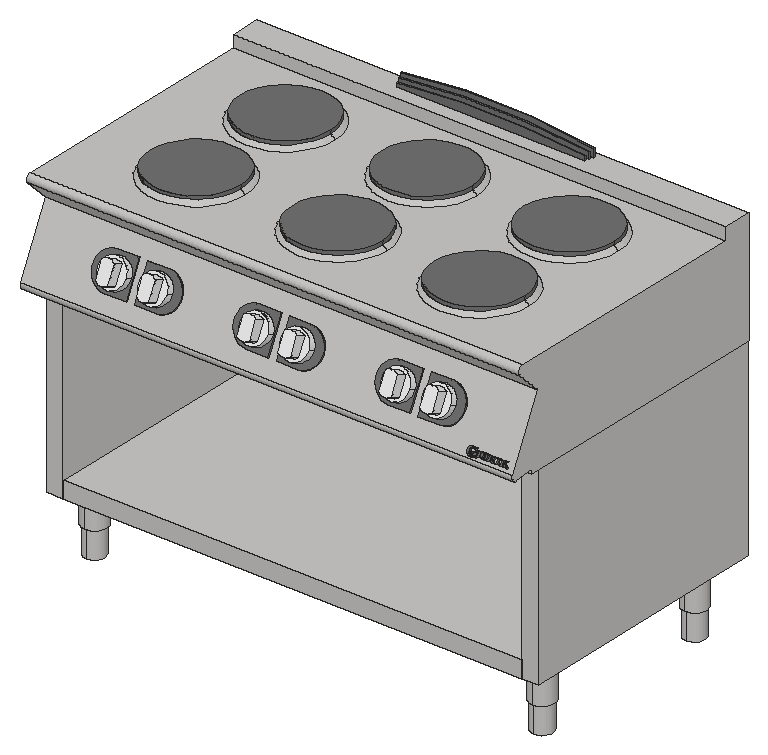
Revit family "QF_GIORIK_CE76TG", category Specialty Equipment, Revit 2014
Parameters (values of type "CE76TG")
  Weight in Pounds = 220.462
  Watts = 15600 W
  Volts = 400 V
  URL Cutsheet = "www.giorik.com"
  URL = "www.giorik.com"
  Status [instance] = ""
  Specification by User [instance] = ""
  Specification by Manufacturer = ""
  Show Logo [instance] = yes
  Show Clearance [instance] = yes
  Serial Number = ""
  Seismic Rating = ""
  SMACNA No = ""
  Revision Code [instance] = ""
  Phase = 3
  Number of Poles [instance] = 3
  NAFEM Spec ID Number = ""
  Model = "CE76TG"
  Min Ckt Ampacity = 0 A
  Max Overcurrent Protection = 0 A
  Masterspec = ""
  Manufacturer = "GIORIK"
  Item Number [instance] = ""
  Installed By [instance] = ""
  Identify Quantity as Lot [instance] = no
  HP = "20.919912000000"
  Furnished By [instance] = ""
  Foodservice Equipment Identifier [instance] = yes
  FL Amps = 0 A
  Electrical Remarks [instance] = ""
  Electric Connection Type [instance] = ""
  Elec Conn RI Height [instance] = 0 mm
  Elec Conn Connection Height [instance] = 150 mm
  Description = "6 ELECTRIC ROUND PLATE HOB ON OPEN BASE UNIT"
  Cycle = 50 Hz
  Conn Plug = ""
  CSI MasterFormat = ""
  Assembly Code = "E1090320"
  Apparent Power = 15600 VA
Reference planes
  plane 1 "Back": y = 0
  plane 2: z = 0
  plane 3 "Left": x = 0
  plane 4 "Right": x = 1200
  plane 5 "Front": y = -720
  plane 6 "Top": z = 900
Forms (mm)
  Extrusion 1, solid, visible <- "Show Logo"
    sketch origin (991.604, -736.761, 609.486) x (-1, 0, 0) y (0, 0.452718, 0.891654)
      loop
        line (-118.824, 58.358) -> (-127.804, 58.358) -> (-125.523, 56.445) -> (-125.523, 48.027) -> (-127.804, 46.113) -> (-118.824, 46.113) -> (-121.105, 48.027) -> (-121.105, 56.445) -> (-118.824, 58.358)
      loop
        line (-163.721, 58.358) -> (-172.7, 58.358) -> (-170.42, 56.445) -> (-170.42, 48.027) -> (-172.7, 46.113) -> (-163.721, 46.113) -> (-166.001, 48.027) -> (-166.001, 56.445) -> (-163.721, 58.358)
      loop
        line (-174.332, 58.358) -> (-183.312, 58.358) -> (-181.031, 56.445) -> (-181.031, 52.435) -> (-186.419, 56.955) -> (-184.416, 58.358) -> (-191.268, 58.358) -> (-188.01, 56.839) -> (-185.455, 54.283) -> (-190.846, 47.858) -> (-193.396, 46.93) -> (-193.396, 46.113) -> (-184.416, 46.113) -> (-185.437, 47.571) -> (-182.443, 51.552) -> (-181.031, 50.894) -> (-181.031, 48.027) -> (-183.312, 46.113) -> (-174.332, 46.113) -> (-176.613, 48.027) -> (-176.613, 56.445) -> (-174.332, 58.358)
      loop
        line (-115.429, 62.063) -> (-115.429, 54.198)
        arc (-115.429, 54.198) -> (-111.618, 57.803) -> (-106.847, 59.986) r 16.039
        arc (-106.847, 59.986) -> (-103.314, 59.837) -> (-100.512, 57.68) r 5.851
        arc (-100.512, 57.68) -> (-98.815, 52.267) -> (-100.512, 46.853) r 9.479
        arc (-100.512, 46.853) -> (-102.406, 44.986) -> (-104.846, 43.93) r 7.236
        arc (-104.846, 43.93) -> (-107.728, 44.111) -> (-110.052, 45.825) r 5.11
        line (-110.052, 45.825) -> (-110.052, 52.001) -> (-116.141, 52.001) -> (-116.141, 45.503) -> (-117.893, 43.751) -> (-114.094, 44.769)
        arc (-114.094, 44.769) -> (-112.56, 44.947) -> (-111.129, 44.366) r 3.115
        arc (-111.129, 44.366) -> (-104.216, 42.091) -> (-97.303, 44.366) r 11.641
        arc (-97.303, 44.366) -> (-93.396, 52.107) -> (-97.303, 59.849) r 9.622
        arc (-97.303, 59.849) -> (-104.369, 62.174) -> (-111.435, 59.849) r 11.898
        line (-111.435, 59.849) -> (-115.429, 62.063)
      loop
        arc (-129.234, 56.068) -> (-135.893, 58.628) -> (-142.552, 56.068) r 9.941
        arc (-142.552, 56.068) -> (-144.234, 52.286) -> (-142.552, 48.505) r 5.093
        arc (-142.552, 48.505) -> (-135.893, 45.945) -> (-129.234, 48.505) r 9.941
        arc (-129.234, 48.505) -> (-127.552, 52.286) -> (-129.234, 56.068) r 5.093
      loop
        arc (-132.628, 54.403) -> (-135.893, 57.668) -> (-139.158, 54.403) r 3.265
        line (-139.158, 54.403) -> (-139.158, 50.169)
        arc (-139.158, 50.169) -> (-135.893, 46.904) -> (-132.628, 50.169) r 3.265
        line (-132.628, 50.169) -> (-132.628, 54.403)
      loop
        arc (-156.363, 58.365) -> (-159.647, 55.081) -> (-156.363, 51.796) r 3.285
        line (-156.363, 51.796) -> (-159.529, 47.306) -> (-162.087, 46.113) -> (-155.847, 46.113) -> (-153.529, 51.083) -> (-150.637, 51.083) -> (-150.637, 47.784) -> (-153.022, 46.113) -> (-144.011, 46.113) -> (-146.094, 47.68) -> (-146.094, 56.493) -> (-144.229, 58.365) -> (-156.363, 58.365)
      loop
        line (-150.637, 57.512) -> (-153.637, 57.512)
        arc (-153.637, 57.512) -> (-156.237, 54.912) -> (-153.637, 52.312) r 2.6
        line (-153.637, 52.312) -> (-150.637, 52.312) -> (-150.637, 57.512)
      loop
        line (-108.924, 52.001) -> (-104.936, 49.005) -> (-100.948, 52.001) -> (-108.924, 52.001)
    from 1.5 to -0.5
  Extrusion 2, solid
    sketch origin (-16, 1025.81, 0) x (1, 0, 0) y (0, 1, 0)
      loop
        line (25, -1086.81) -> (25, -1156.81) -> (115, -1156.81) -> (115, -1086.81) -> (25, -1086.81)
    from 148 to 150
  Extrusion 3, solid
    sketch origin (-4, 0, 130) x (1, 0, 0) y (0, 1, 0)
      loop
        circle (54, -385) r 12.5
    from 0 to 20
  Extrusion 4, solid
    sketch origin (0, 1000, -20) x (0, 1, 0) y (0, 0, 1)
      loop
        line (-1000, 919.988) -> (-1070, 919.988) -> (-1070, 889.988) -> (-1688.806, 889.988)
        arc (-1688.806, 889.988) -> (-1699.151, 883.075) -> (-1696.724, 870.873) r 11.197
        line (-1696.724, 870.873) -> (-1640.876, 815.025) -> (-1718.948, 661.258)
        arc (-1718.948, 661.258) -> (-1718.233, 650.105) -> (-1708.118, 645.354) r 10.981
        line (-1708.118, 645.354) -> (-1660, 649.925) -> (-1660, 640) -> (-1000, 640) -> (-1000, 919.988)
    from 0 to 1200
  Extrusion 5, solid
    sketch origin (0, 0, 599.536) x (1, 0, 0) y (0, 1, 0)
      loop
        line (0, -640) -> (40, -640) -> (40, -40) -> (1160, -40) -> (1160, -640) -> (1200, -640) -> (1200, 0) -> (0, 0) -> (0, -640)
    from -449.536 to 20.464
  Extrusion 6, solid
    sketch origin (0, 0, 0) x (1, 0, 0) y (0, 1, 0)
      loop
        line (40, -40) -> (40, -640) -> (1160, -640) -> (1160, -40) -> (40, -40)
    from 150 to 190
  Extrusion 7, solid
    sketch origin (-16, 560.81, 0) x (1, 0, 0) y (0, 1, 0)
      loop
        line (25, -1086.81) -> (25, -1156.81) -> (115, -1156.81) -> (115, -1086.81) -> (25, -1086.81)
    from 148 to 150
  Revolve 8, solid
    sketch origin (54, 560.81, 0) x (0, 1, 0) y (0, 0, 1)
      loop
        line (-1092.56, 66) -> (-1092.56, 148) -> (-1121.81, 148) -> (-1121.81, 0) -> (-1096.81, 0) -> (-1096.81, 66) -> (-1092.56, 66)
      axis (-1121.81, 0) -> (-1121.81, 148)
    angle from 0 to 360
  Revolve 9, solid
    sketch origin (54, 1025.81, 0) x (0, 1, 0) y (0, 0, 1)
      loop
        line (-1092.56, 66) -> (-1092.56, 148) -> (-1121.81, 148) -> (-1121.81, 0) -> (-1096.81, 0) -> (-1096.81, 66) -> (-1092.56, 66)
      axis (-1121.81, 0) -> (-1121.81, 148)
    angle from 0 to 360
  Extrusion 10, solid
    sketch origin (1216, 560.81, 0) x (-1, 0, 0) y (0, -1, 0)
      loop
        line (25, 1086.81) -> (115, 1086.81) -> (115, 1156.81) -> (25, 1156.81) -> (25, 1086.81)
    from 148 to 150
  Revolve 11, solid
    sketch origin (1146, 560.81, 0) x (0, 1, 0) y (0, 0, -1)
      loop
        line (-1092.56, -66) -> (-1096.81, -66) -> (-1096.81, 0) -> (-1121.81, 0) -> (-1121.81, -148) -> (-1092.56, -148) -> (-1092.56, -66)
      axis (-1121.81, 0) -> (-1121.81, -148)
    angle from 0 to 360
  Extrusion 12, solid
    sketch origin (1216, -1217.81, 0) x (-1, 0, 0) y (0, -1, 0)
      loop
        line (25, -1086.81) -> (25, -1156.81) -> (115, -1156.81) -> (115, -1086.81) -> (25, -1086.81)
    from 148 to 150
  Revolve 13, solid
    sketch origin (1146, -1217.81, 0) x (0, -1, 0) y (0, 0, 1)
      loop
        line (-1092.56, 66) -> (-1092.56, 148) -> (-1121.81, 148) -> (-1121.81, 0) -> (-1096.81, 0) -> (-1096.81, 66) -> (-1092.56, 66)
      axis (-1121.81, 0) -> (-1121.81, 148)
    angle from 0 to 360
  Extrusion 14, solid
    sketch origin (-219.224, -963.345, 52.363) x (1, 0, 0) y (0, 0.452718, 0.891654)
      loop
        line (463.221, 676.25) -> (463.221, 766.25) -> (409.698, 766.25)
        arc (409.698, 766.25) -> (364.698, 721.25) -> (409.698, 676.25) r 45
        line (409.698, 676.25) -> (463.221, 676.25)
    from 48 to 50
  Extrusion 15, solid
    sketch origin (555.329, -1008.697, 74.959) x (-1, 0, 0) y (0, -0.45351, -0.891251)
      loop
        circle (351.331, -721.346) r 35
    from 0 to 15
  Extrusion 16, solid
    sketch origin (555.329, -1008.697, 74.959) x (-1, 0, 0) y (0, -0.45351, -0.891251)
      loop
        arc (336.331, -743.846) -> (351.331, -748.846) -> (366.331, -743.846) r 25
        line (366.331, -743.846) -> (366.331, -698.846)
        arc (366.331, -698.846) -> (351.331, -693.846) -> (336.331, -698.846) r 25
        line (336.331, -698.846) -> (336.331, -743.846)
    from 15 to 40
  Extrusion 17, solid
    sketch origin (727.253, -963.345, 52.363) x (-1, 0, 0) y (0, -0.452718, -0.891654)
      loop
        line (463.221, -676.25) -> (409.698, -676.25)
        arc (409.698, -676.25) -> (364.698, -721.25) -> (409.698, -766.25) r 45
        line (409.698, -766.25) -> (463.221, -766.25) -> (463.221, -676.25)
    from 48 to 50
  Extrusion 18, solid
    sketch origin (-47.3, -1008.697, 74.959) x (1, 0, 0) y (0, 0.45351, 0.891251)
      loop
        circle (351.331, 721.346) r 35
    from 0 to 15
  Extrusion 19, solid
    sketch origin (-47.3, -1008.697, 74.959) x (1, 0, 0) y (0, 0.45351, 0.891251)
      loop
        line (336.331, 743.846) -> (336.331, 698.846)
        arc (336.331, 698.846) -> (351.331, 693.846) -> (366.331, 698.846) r 25
        line (366.331, 698.846) -> (366.331, 743.846)
        arc (366.331, 743.846) -> (351.331, 748.846) -> (336.331, 743.846) r 25
    from 15 to 40
  Extrusion 20, solid
    sketch origin (236.031, 0, -10.001) x (1, 0, 0) y (0, 0, 1)
      loop
        line (135, 909.989) -> (592.969, 909.989) -> (592.969, 919.989) -> (440.969, 929.989) -> (287, 929.989) -> (135, 919.989) -> (135, 909.989)
    from 32 to 35
  Extrusion 21, solid
    sketch origin (238, 10, -10.001) x (1, 0, 0) y (0, 0, 1)
      loop
        line (594, 909.989) -> (594, 924.989) -> (440, 937.489) -> (284, 937.489) -> (130, 925.001) -> (130, 909.989) -> (594, 909.989)
    from 32 to 35
  Extrusion 22, solid
    sketch origin (240, 20, -10.001) x (1, 0, 0) y (0, 0, 1)
      loop
        line (595, 909.989) -> (595, 930.001) -> (439, 945.258) -> (281, 945.258) -> (125, 929.989) -> (125, 909.989) -> (595, 909.989)
    from 32 to 35
  Extrusion 23, solid
    sketch origin (63.998, 2.499, 864.988) x (0, 1, 0) y (-1, 0, 0)
      loop
        circle (-231.5, -189.999) r 110
    from 23 to 15
  Blend 24, solid
    base sketch origin (808.358, -820.005, 869.988) x (0, 1, 0) y (-1, 0, 0)
      loop
        circle (591.004, 554.361) r 120
    top sketch origin (808.358, -820.005, 900) x (0, 1, 0) y (-1, 0, 0)
      loop
        circle (591.004, 554.361) r 110
    from 0 to -20.012
  Extrusion 25, solid
    sketch origin (63.998, -733.501, 864.988) x (0, -1, 0) y (1, 0, 0)
      loop
        circle (-231.5, 189.999) r 110
    from 23 to 15
  Blend 26, solid
    base sketch origin (808.358, 89.003, 869.988) x (0, -1, 0) y (1, 0, 0)
      loop
        circle (591.004, -554.361) r 120
    top sketch origin (808.358, 89.003, 900) x (0, -1, 0) y (1, 0, 0)
      loop
        circle (591.004, -554.361) r 110
    from 0 to -20.012
  Extrusion 27, solid
    sketch origin (789.998, 2.499, 864.988) x (0, 1, 0) y (-1, 0, 0)
      loop
        circle (-231.5, 189.999) r 110
    from 23 to 15
  Blend 28, solid
    base sketch origin (45.638, -820.005, 869.988) x (0, 1, 0) y (-1, 0, 0)
      loop
        circle (591.004, -554.361) r 120
    top sketch origin (45.638, -820.005, 900) x (0, 1, 0) y (-1, 0, 0)
      loop
        circle (591.004, -554.361) r 110
    from 0 to -20.012
  Extrusion 29, solid
    sketch origin (789.998, -733.501, 864.988) x (0, -1, 0) y (1, 0, 0)
      loop
        circle (-231.5, -189.999) r 110
    from 23 to 15
  Blend 30, solid
    base sketch origin (45.638, 89.003, 869.988) x (0, -1, 0) y (1, 0, 0)
      loop
        circle (591.004, 554.361) r 120
    top sketch origin (45.638, 89.003, 900) x (0, -1, 0) y (1, 0, 0)
      loop
        circle (591.004, 554.361) r 110
    from 0 to -20.012
  Extrusion 31, solid
    sketch origin (1135.999, 2.499, 864.988) x (0, 1, 0) y (-1, 0, 0)
      loop
        circle (-231.5, 189.999) r 110
    from 23 to 15
  Blend 32, solid
    base sketch origin (391.639, -820.005, 869.988) x (0, 1, 0) y (-1, 0, 0)
      loop
        circle (591.004, -554.361) r 120
    top sketch origin (391.639, -820.005, 900) x (0, 1, 0) y (-1, 0, 0)
      loop
        circle (591.004, -554.361) r 110
    from 0 to -20.012
  Extrusion 33, solid
    sketch origin (1135.999, -270.501, 864.988) x (0, 1, 0) y (-1, 0, 0)
      loop
        circle (-231.5, 189.999) r 110
    from 23 to 15
  Blend 34, solid
    base sketch origin (391.639, -1093.005, 869.988) x (0, 1, 0) y (-1, 0, 0)
      loop
        circle (591.004, -554.361) r 120
    top sketch origin (391.639, -1093.005, 900) x (0, 1, 0) y (-1, 0, 0)
      loop
        circle (591.004, -554.361) r 110
    from 0 to -20.012
  Extrusion 35, solid
    sketch origin (126.778, -963.345, 52.363) x (1, 0, 0) y (0, 0.452718, 0.891654)
      loop
        line (463.221, 676.25) -> (463.221, 766.25) -> (409.698, 766.25)
        arc (409.698, 766.25) -> (364.698, 721.25) -> (409.698, 676.25) r 45
        line (409.698, 676.25) -> (463.221, 676.25)
    from 48 to 50
  Extrusion 36, solid
    sketch origin (901.331, -1008.697, 74.959) x (-1, 0, 0) y (0, -0.45351, -0.891251)
      loop
        circle (351.331, -721.346) r 35
    from 0 to 15
  Extrusion 37, solid
    sketch origin (901.331, -1008.697, 74.959) x (-1, 0, 0) y (0, -0.45351, -0.891251)
      loop
        arc (336.331, -743.846) -> (351.331, -748.846) -> (366.331, -743.846) r 25
        line (366.331, -743.846) -> (366.331, -698.846)
        arc (366.331, -698.846) -> (351.331, -693.846) -> (336.331, -698.846) r 25
        line (336.331, -698.846) -> (336.331, -743.846)
    from 15 to 40
  Extrusion 38, solid
    sketch origin (1073.255, -963.345, 52.363) x (-1, 0, 0) y (0, -0.452718, -0.891654)
      loop
        line (463.221, -676.25) -> (409.698, -676.25)
        arc (409.698, -676.25) -> (364.698, -721.25) -> (409.698, -766.25) r 45
        line (409.698, -766.25) -> (463.221, -766.25) -> (463.221, -676.25)
    from 48 to 50
  Extrusion 39, solid
    sketch origin (298.702, -1008.697, 74.959) x (1, 0, 0) y (0, 0.45351, 0.891251)
      loop
        circle (351.331, 721.346) r 35
    from 0 to 15
  Extrusion 40, solid
    sketch origin (298.702, -1008.697, 74.959) x (1, 0, 0) y (0, 0.45351, 0.891251)
      loop
        line (336.331, 743.846) -> (336.331, 698.846)
        arc (336.331, 698.846) -> (351.331, 693.846) -> (366.331, 698.846) r 25
        line (366.331, 698.846) -> (366.331, 743.846)
        arc (366.331, 743.846) -> (351.331, 748.846) -> (336.331, 743.846) r 25
    from 15 to 40
  Extrusion 41, solid
    sketch origin (472.779, -963.345, 52.363) x (1, 0, 0) y (0, 0.452718, 0.891654)
      loop
        line (463.221, 676.25) -> (463.221, 766.25) -> (409.698, 766.25)
        arc (409.698, 766.25) -> (364.698, 721.25) -> (409.698, 676.25) r 45
        line (409.698, 676.25) -> (463.221, 676.25)
    from 48 to 50
  Extrusion 42, solid
    sketch origin (1247.331, -1008.697, 74.959) x (-1, 0, 0) y (0, -0.45351, -0.891251)
      loop
        circle (351.331, -721.346) r 35
    from 0 to 15
  Extrusion 43, solid
    sketch origin (1247.331, -1008.697, 74.959) x (-1, 0, 0) y (0, -0.45351, -0.891251)
      loop
        arc (336.331, -743.846) -> (351.331, -748.846) -> (366.331, -743.846) r 25
        line (366.331, -743.846) -> (366.331, -698.846)
        arc (366.331, -698.846) -> (351.331, -693.846) -> (336.331, -698.846) r 25
        line (336.331, -698.846) -> (336.331, -743.846)
    from 15 to 40
  Extrusion 44, solid
    sketch origin (1419.255, -963.345, 52.363) x (-1, 0, 0) y (0, -0.452718, -0.891654)
      loop
        line (463.221, -676.25) -> (409.698, -676.25)
        arc (409.698, -676.25) -> (364.698, -721.25) -> (409.698, -766.25) r 45
        line (409.698, -766.25) -> (463.221, -766.25) -> (463.221, -676.25)
    from 48 to 50
  Extrusion 45, solid
    sketch origin (644.703, -1008.697, 74.959) x (1, 0, 0) y (0, 0.45351, 0.891251)
      loop
        circle (351.331, 721.346) r 35
    from 0 to 15
  Extrusion 46, solid
    sketch origin (644.703, -1008.697, 74.959) x (1, 0, 0) y (0, 0.45351, 0.891251)
      loop
        line (336.331, 743.846) -> (336.331, 698.846)
        arc (336.331, 698.846) -> (351.331, 693.846) -> (366.331, 698.846) r 25
        line (366.331, 698.846) -> (366.331, 743.846)
        arc (366.331, 743.846) -> (351.331, 748.846) -> (336.331, 743.846) r 25
    from 15 to 40
Lines and regions (mm)
  symbolic lines, style "200-EquipBorder-2D"
    curve 1: line (0, -720, 0) -> (1200, -720, 0)
    curve 2: line (1200, -720, 0) -> (1200, 0, 0)
    curve 3: line (1200, 0, 0) -> (0, 0, 0)
    curve 4: line (0, 0, 0) -> (0, -720, 0)
  symbolic lines, style "200-EquipInternal-2D"
    curve 5: line (0, -70, 900) -> (1200, -70, 900)
    curve 6: line (365, -12, 900) -> (835, -12, 900)
    curve 7: line (835, -12, 900) -> (835, -15, 900)
    curve 8: line (835, -15, 900) -> (365, -15, 900)
    curve 9: line (365, -15, 900) -> (365, -12, 900)
    curve 10: line (368, -22, 900) -> (832, -22, 900)
    curve 11: line (832, -22, 900) -> (832, -25, 900)
    curve 12: line (832, -25, 900) -> (368, -25, 900)
    curve 13: line (368, -25, 900) -> (368, -22, 900)
    curve 14: line (371.031, -32, 900) -> (829, -32, 900)
    curve 15: line (829, -32, 900) -> (829, -35, 900)
    curve 16: line (829, -35, 900) -> (371.031, -35, 900)
    curve 17: line (371.031, -35, 900) -> (371.031, -32, 900)
    curve 18: circle (253.998, -229.001, 900) r 120 normal (0, 0, 1)
    curve 19: circle (253.998, -229.001, 900) r 109.999 normal (0, 0, 1)
    curve 20: circle (253.998, -502.001, 900) r 109.999 normal (0, 0, 1)
    curve 21: circle (253.998, -502.001, 900) r 119.999 normal (0, 0, 1)
    curve 22: circle (599.998, -229.001, 900) r 120 normal (0, 0, -1)
    curve 23: circle (599.998, -229.001, 900) r 109.999 normal (0, 0, -1)
    curve 24: circle (599.998, -502.001, 900) r 109.999 normal (0, 0, -1)
    curve 25: circle (599.998, -502.001, 900) r 119.999 normal (0, 0, -1)
    curve 26: circle (945.999, -229.001, 900) r 120 normal (0, 0, -1)
    curve 27: circle (945.999, -229.001, 900) r 109.999 normal (0, 0, -1)
    curve 28: circle (945.999, -502.001, 900) r 120 normal (0, 0, -1)
    curve 29: circle (945.999, -502.001, 900) r 109.999 normal (0, 0, -1)
Dimensions and locks
  plane 3 "Left" to plane 4 "Right" = 1200 mm
  plane 5 "Front" to plane 1 "Back" = 720 mm
  plane 4 "Right" to plane 3 "Left" = 1200 mm
  plane 1 "Back" to plane 5 "Front" = 720 mm
  plane 6 "Top" to level = 900 mm  (x2)
  aligned and locked: level to plane 2
Connectors
  electrical at (50, -385, 130), driven by "Apparent Power", driven by "Volts", driven by "Number of Poles"
    settings: on Extrusion 3, index 1, voltage 400 V, apparent load 0 VA, apparent load phase1 15600 VA, apparent load phase2 0 VA, apparent load phase3 0 VA, power factor 1, load classification "Other", number of poles 3, system type 31, power factor state 1, is connector primary yes, connector utility no, sub classification motor no, connector description "Electrical connection"
